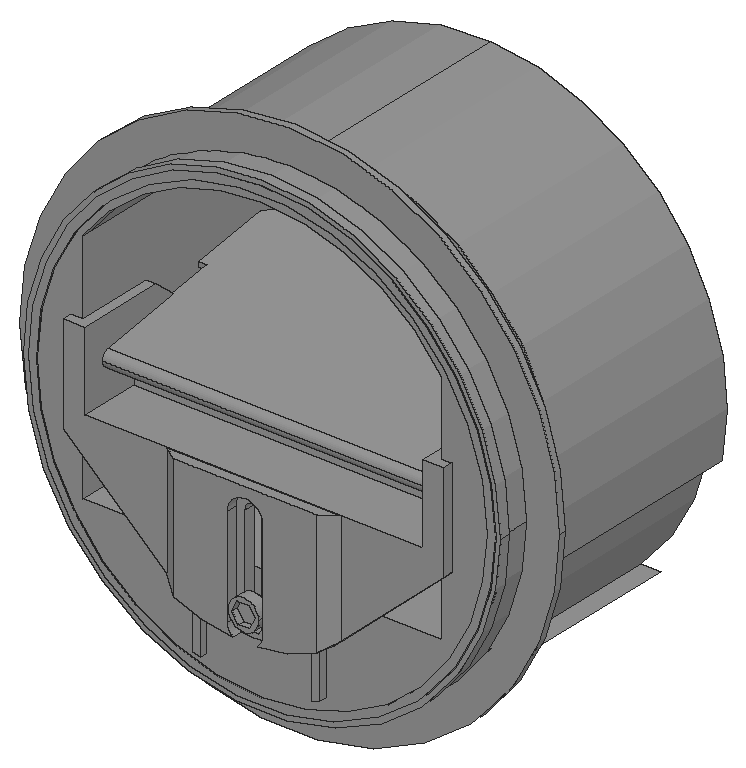
Revit family "CR 4 Inch Diameter", category Mechanical Equipment, Revit 2015
Parameters
  URL = "http://unitedenertech.com/catalog/pdf/L_2B,C%20Model%20CR.pdf"
  Type Comments = "4\" Diameter Model"
  Model = "CR"
  Manufacturer = "United Enertech Corporation"
  Description = "Precision/Flow Damper"
  Depth = 0' - 2.075"
  Damper O.D. = 0' - 3.64"
Reference planes (in)
  plane 1 "Center (Front/Back)": y = 0
  plane 2: z = 0
  plane 3 "Center (Left/Right)": x = 0
  plane 4: x = -1.82
  plane 5: x = 1.82
Forms (in)
  Extrusion 1, solid, material "Plastic, Opaque Black"
    sketch origin (0, 0, 0) x (1, 0, 0) y (0, 0, 1)
      loop
        circle (0, 0) r 1.82
      loop
        line (1.37, -0.84269) -> (1.37, 0.95499)
        arc (1.37, 0.95499) -> (0.77268, 1.48049) -> (0, 1.67) r 1.67
        arc (0, 1.67) -> (-0.77268, 1.48049) -> (-1.37, 0.95499) r 1.67
        line (-1.37, 0.95499) -> (-1.37, -0.84269) -> (1.37, -0.84269)
    from 0 to -0.08
  Extrusion 2, solid, material "Plastic, Opaque Black"
    sketch origin (0, 0, 0) x (1, 0, 0) y (0, 0, 1)
      loop
        line (-1.37, 0.95499) -> (-1.37, -0.84269) -> (1.37, -0.84269) -> (1.37, 0.95499)
        arc (1.37, 0.95499) -> (0.77268, 1.48049) -> (0, 1.67) r 1.67
        arc (0, 1.67) -> (-0.77268, 1.48049) -> (-1.37, 0.95499) r 1.67
      loop
        arc (-1.42859, -0.97322) -> (-1.40758, -1.00337) -> (-1.38593, -1.03307) r 1.72859
        line (-1.38593, -1.03307) -> (1.38593, -1.03307)
        arc (1.38593, -1.03307) -> (1.40758, -1.00337) -> (1.42859, -0.97322) r 1.72859
        line (1.42859, -0.97322) -> (1.42859, 0.97322)
        arc (1.42859, 0.97322) -> (0.808, 1.52813) -> (0, 1.72859) r 1.72859
        arc (0, 1.72859) -> (-0.808, 1.52813) -> (-1.42859, 0.97322) r 1.72859
        line (-1.42859, 0.97322) -> (-1.42859, -0.97322)
    from -0.08 to -2.085
  Extrusion 3, void
    sketch origin (0, 0, 0) x (1, 0, 0) y (0, 1, 0)
      loop
        line (-1.37, 2.085) -> (-1.37, 1.635) -> (1.37, 1.635) -> (1.37, 2.085) -> (-1.37, 2.085)
    from -1.10493 to -0.78309
  Extrusion 4, solid, material "Plastic, Opaque Black"
    sketch origin (0, 0, 0) x (1, 0, 0) y (0, 0, 1)
      loop
        arc (-1.42859, 0.97322) -> (-1.72859, 0) -> (-1.42859, -0.97322) r 1.72859
        line (-1.42859, -0.97322) -> (-1.42859, -0.86488)
        arc (-1.42859, -0.86488) -> (-1.67, 0) -> (-1.42859, 0.86488) r 1.67
        line (-1.42859, 0.86488) -> (-1.42859, 0.97322)
      loop
        line (1.42859, 0.97322) -> (1.42859, 0.86488)
        arc (1.42859, 0.86488) -> (1.67, 0) -> (1.42859, -0.86488) r 1.67
        line (1.42859, -0.86488) -> (1.42859, -0.97322)
        arc (1.42859, -0.97322) -> (1.72859, 0) -> (1.42859, 0.97322) r 1.72859
    from -0.08 to -0.265
  Extrusion 5, solid, material "Plastic, Opaque Black"
    sketch origin (0, 0, 0) x (1, 0, 0) y (0, 0, 1)
      loop
        arc (-1.37, -1.03307) -> (0, -1.71585) -> (1.37, -1.03307) r 1.71585
        line (1.37, -1.03307) -> (1.31212, -1.03307)
        arc (1.31212, -1.03307) -> (0, -1.67) -> (-1.31212, -1.03307) r 1.67
        line (-1.31212, -1.03307) -> (-1.37, -1.03307)
    from -0.48 to -0.08
  Extrusion 6, solid, material "Plastic, Opaque Black"
    sketch origin (0, 0, 0) x (1, 0, 0) y (0, 0, 1)
      loop
        line (-0.38, -1.03307) -> (-0.38, -1.15307) -> (0.38, -1.15307) -> (0.38, -1.03307) -> (-0.38, -1.03307)
    from -0.605 to -0.08
  Extrusion 7, solid, material "Plastic, Opaque Black"
    sketch origin (0, 0, 0) x (1, 0, 0) y (0, 0, 1)
      loop
        line (-1.45, 0.39199) -> (-1.45, -0.35801) -> (-0.6125, -1.11824)
        arc (-0.6125, -1.11824) -> (-0.31612, -1.23519) -> (0, -1.275) r 1.275
        arc (0, -1.275) -> (0.31612, -1.23519) -> (0.6125, -1.11824) r 1.275
        line (0.6125, -1.11824) -> (1.45, -0.35801) -> (1.45, 0.39199) -> (1.29, 0.39199) -> (1.29, -0.20801) -> (-1.29, -0.20801) -> (-1.29, 0.39199) -> (-1.45, 0.39199)
      loop
        line (-0.065, -0.42301) -> (-0.065, -1.1778)
        arc (-0.065, -1.1778) -> (0, -1.2428) -> (0.065, -1.1778) r 0.065
        line (0.065, -1.1778) -> (0.065, -0.42301)
        arc (0.065, -0.42301) -> (0, -0.35801) -> (-0.065, -0.42301) r 0.065
    from 0 to 0.08
  Extrusion 8, solid, material "Plastic, Opaque Black"
    sketch origin (0, 0, 0) x (1, 0, 0) y (0, 0, 1)
      loop
        line (-0.4855, -0.26956) -> (-0.4855, -1.54974)
        arc (-0.4855, -1.54974) -> (-0.45558, -1.55879) -> (-0.4255, -1.56727) r 1.624
        line (-0.4255, -1.56727) -> (-0.4255, -0.26956) -> (-0.4855, -0.26956)
      loop
        line (0.4855, -0.26956) -> (0.4255, -0.26956) -> (0.4255, -1.56727)
        arc (0.4255, -1.56727) -> (0.45558, -1.55879) -> (0.4855, -1.54974) r 1.624
        line (0.4855, -1.54974) -> (0.4855, -0.26956)
    from 0 to 0.05682
  Blend 9, solid, material "Plastic, Opaque Black"
    base sketch origin (0, 0, 0) x (1, 0, 0) y (0, 0, 1)
      loop
        arc (-0.54336, -1.15342) -> (0, -1.275) -> (0.54336, -1.15342) r 1.275
        line (0.54336, -1.15342) -> (0.54336, -0.20801) -> (-0.54336, -0.20801) -> (-0.54336, -1.15342)
    top sketch origin (0, 0, 0) x (1, 0, 0) y (0, 0, 1)
      loop
        line (-0.66394, -1.07155) -> (-0.6125, -1.11824)
        arc (-0.6125, -1.11824) -> (0, -1.275) -> (0.6125, -1.11824) r 1.275
        line (0.6125, -1.11824) -> (0.66394, -1.07155) -> (0.66394, -0.20801) -> (-0.66394, -0.20801) -> (-0.66394, -1.07155)
    from 0.16 to 0.08
  Extrusion 10, void
    sketch origin (0, 0, 0) x (1, 0, 0) y (0, 0, 1)
      loop
        arc (-0.13531, -1.1778) -> (0, -1.31311) -> (0.13531, -1.1778) r 0.13531
        line (0.13531, -1.1778) -> (0.13531, -0.42301)
        arc (0.13531, -0.42301) -> (0, -0.2877) -> (-0.13531, -0.42301) r 0.13531
        line (-0.13531, -0.42301) -> (-0.13531, -1.1778)
    from 0.08 to 0.20175
  Extrusion 11, solid, material "Plastic, Opaque Black"
    sketch origin (0, 0, 0) x (0, 1, 0) y (0, 0, 1)
      loop
        line (0.61529, -0.28801) -> (0.61529, 0.1178) -> (0.38822, 0.1178) -> (0.38822, -0.20801) -> (0, -0.20801) -> (0, -0.28801) -> (0.61529, -0.28801)
    from -1.37 to 1.37
  Extrusion 12, solid, material "Plastic, Opaque Black"
    sketch origin (0, 0, 0) x (0, 1, 0) y (0, 0, 1)
      loop
        line (0, 0.39199) -> (0, -0.20801) -> (0.61529, -0.20801) -> (1.04529, -0.20801) -> (1.04529, 0.01699) -> (0.6, 0.39199) -> (0, 0.39199)
    from 1.29 to 1.37
  Extrusion 13, solid, material "Plastic, Opaque Black"
    sketch origin (0, 0, 0) x (0, 1, 0) y (0, 0, -1)
      loop
        line (0, -0.39199) -> (0.6, -0.39199) -> (1.04529, -0.01699) -> (1.04529, 0.20801) -> (0.61529, 0.20801) -> (0, 0.20801) -> (0, -0.39199)
    from 1.29 to 1.37
  Extrusion 14, solid, material "Plastic, Opaque Black"
    sketch origin (0, 0, 0) x (1, 0, 0) y (0, 0, 1)
      loop
        line (-0.1575, 0.1178) -> (-0.1575, -0.0072) -> (0.1575, -0.0072) -> (0.1575, 0.1178) -> (-0.1575, 0.1178)
    from -0.38822 to -0.23704
  Extrusion 15, solid, material "Plastic, Opaque Black"
    sketch origin (0, 0, 0) x (0, 1, 0) y (0, 0, 1)
      loop
        line (0.61529, -0.0022) -> (0.61529, -0.16575) -> (0.81529, -0.16575) -> (0.81529, -0.0022) -> (0.61529, -0.0022)
    from -0.25 to 0.25
  Extrusion 16, solid, material "Plastic, Opaque Black"
    sketch origin (0, 0, 0) x (1, 0, 0) y (0, 1, 0)
      loop
        line (-1.29, 0.38822) -> (1.29, 0.38822) -> (1.29, 1.635)
        arc (1.29, 1.635) -> (0, 2.24403) -> (-1.29, 1.635) r 1.6707
        line (-1.29, 1.635) -> (-1.29, 0.38822)
    from 0 to 0.1178
  Extrusion 17, solid, material "Plastic, Opaque Black"
    sketch origin (0, 0, 0) x (1, 0, 0) y (0, 0, 1)
      loop
        circle (0, -0.08252) r 0.05625
    from -1.635 to -0.81529
  Extrusion 18, solid, material "Aluminum"
    sketch origin (0, 0, 0) x (1, 0, 0) y (0, 0, 1)
      loop
        circle (0, -1.07806) r 0.11587
    from 0.08 to 0.17586
  Extrusion 19, solid, material "Aluminum"
    sketch origin (0, 0, 0) x (1, 0, 0) y (0, 0, 1)
      loop
        circle (0, -1.07806) r 0.05579
    from 0 to 0.08
  Extrusion 20, void
    sketch origin (0, 0, 0) x (1, 0, 0) y (0, 0, 1)
      loop
        line (0.04238, -0.99488) -> (-0.05084, -0.99977) -> (-0.09322, -1.08295) -> (-0.04238, -1.16123) -> (0.05084, -1.15635) -> (0.09322, -1.07317) -> (0.04238, -0.99488)
    from 0.12056 to 0.20175
  Extrusion 21, solid, material "Plastic, Opaque Black"
    sketch origin (0, 0.04863, -0.09591) x (1, 0, 0) y (0, 0.987688, 0.156434)
      loop
        line (-1.29, 0.12561) -> (1.29, 0.12561) -> (1.29, 1.0878) -> (1.35312, 1.0878) -> (1.35312, 1.68366)
        arc (1.35312, 1.68366) -> (0, 2.30951) -> (-1.35312, 1.68366) r 1.77567
        line (-1.35312, 1.68366) -> (-1.35312, 1.0878) -> (-1.29, 1.0878) -> (-1.29, 0.12561)
    from 0.19539 to 0.23353
  Extrusion 22, solid, material "Plastic, Opaque Black"
    sketch origin (0, 0, 0) x (0, 1, 0) y (0, 0, 1)
      loop
        circle (0.14715, 0.09329) r 0.06208
    from -1.29 to 1.29
  Sweep 23, solid, material "Plastic, Opaque Black"
    path in 3D
      loop
        arc (-1.35312, 1.67503, 0.39813) -> (0, 2.29317, 0.49603) -> (1.35312, 1.67503, 0.39813) r 1.77567
    profile origin (0, 2.29317, 0.49603) x (0, 0.987688, 0.156434) y (0, -0.156434, 0.987688)
      loop
        line (0, 0) -> (-0.03429, -0.01021)
        arc (-0.03429, -0.01021) -> (-0.00157, -0.50435) -> (-0.18552, -0.96413) r 1.1179
        line (-0.18552, -0.96413) -> (-0.15643, -0.98769)
        arc (-0.15643, -0.98769) -> (0.0315, -0.51122) -> (0, 0) r 1.1808
  Extrusion 24, solid, material "Plastic, Opaque Black"
    sketch origin (-15.18673, 0, 0) x (1, 0, 0) y (0, 0, 1)
      loop
        circle (15.18673, 0) r 1.78
      loop
        circle (15.18673, 0) r 1.72
    from 0 to -0.5
  Extrusion 25, solid, material "Plastic, Opaque Black"
    sketch origin (-15.18673, 0, 0) x (1, 0, 0) y (0, 0, 1)
      loop
        arc (13.44372, -0.361) -> (13.62961, -0.86242) -> (13.95604, -1.286) r 1.78
        line (13.95604, -1.286) -> (14.04454, -1.286)
        arc (14.04454, -1.286) -> (13.70097, -0.86655) -> (13.50504, -0.361) r 1.72
        line (13.50504, -0.361) -> (13.44372, -0.361)
      loop
        line (16.32892, -1.286) -> (16.41742, -1.286)
        arc (16.41742, -1.286) -> (16.74385, -0.86242) -> (16.92974, -0.361) r 1.78
        line (16.92974, -0.361) -> (16.86842, -0.361)
        arc (16.86842, -0.361) -> (16.67249, -0.86655) -> (16.32892, -1.286) r 1.72
    from -0.5 to -2.075
  Extrusion 26, solid, material "Plastic, Opaque Black"
    sketch origin (-15.18673, 0, 0) x (1, 0, 0) y (0, 0, 1)
      loop
        line (13.33662, -0.361) -> (13.46015, -0.361)
        arc (13.46015, -0.361) -> (13.81776, 1.11235) -> (15.18673, 1.76392) r 1.76392
        arc (15.18673, 1.76392) -> (16.5557, 1.11235) -> (16.91331, -0.361) r 1.76392
        line (16.91331, -0.361) -> (17.03684, -0.361)
        arc (17.03684, -0.361) -> (16.66798, 1.16582) -> (15.27059, 1.88313) r 1.885
        arc (15.27059, 1.88313) -> (13.75882, 1.23056) -> (13.33662, -0.361) r 1.885
      loop
        arc (13.80853, -1.286) -> (15.18673, -1.885) -> (16.56493, -1.286) r 1.885
        line (16.56493, -1.286) -> (16.39404, -1.286)
        arc (16.39404, -1.286) -> (15.18673, -1.76392) -> (13.97942, -1.286) r 1.76392
        line (13.97942, -1.286) -> (13.80853, -1.286)
    from -2.075 to -0.5
  Extrusion 27, solid, material "Plastic, Opaque Black"
    sketch origin (-15.18673, 0, 0) x (1, 0, 0) y (0, 0, 1)
      loop
        arc (13.50504, -0.361) -> (13.70097, -0.86655) -> (14.04454, -1.286) r 1.72
        line (14.04454, -1.286) -> (16.32892, -1.286)
        arc (16.32892, -1.286) -> (16.67249, -0.86655) -> (16.86842, -0.361) r 1.72
        line (16.86842, -0.361) -> (13.50504, -0.361)
    from -2.075 to -1.985
  Extrusion 28, void
    sketch origin (-15.18673, 0, 0) x (1, 0, 0) y (0, 0, 1)
      loop
        line (14.18673, -0.361) -> (14.18673, -1.286) -> (16.13088, -1.286) -> (16.13088, -0.361) -> (14.18673, -0.361)
    from -2.13604 to -1.913
  Extrusion 29, solid, material "Plastic, Opaque Black"
    sketch origin (-15.18673, 0, 0) x (1, 0, 0) y (0, 1, 0)
      loop
        line (14.18673, 2.075) -> (14.18673, 1.985) -> (14.42173, 1.985)
        arc (14.42173, 1.985) -> (15.1588, 2.21211) -> (15.89588, 1.985) r 1.30964
        line (15.89588, 1.985) -> (16.13088, 1.985) -> (16.13088, 2.075)
        arc (16.13088, 2.075) -> (15.1588, 2.39276) -> (14.18673, 2.075) r 1.64572
    from -0.361 to -0.431
  Extrusion 30, solid, material "Plastic, Opaque Black"
    sketch origin (-15.18673, 0, 0) x (1, 0, 0) y (0, 1, 0)
      loop
        line (14.18673, 2.075) -> (14.18673, 1.985) -> (14.42173, 1.985)
        arc (14.42173, 1.985) -> (15.1588, 2.21211) -> (15.89588, 1.985) r 1.30964
        line (15.89588, 1.985) -> (16.13088, 1.985) -> (16.13088, 2.075)
        arc (16.13088, 2.075) -> (15.1588, 2.39276) -> (14.18673, 2.075) r 1.64572
    from -1.216 to -1.286
  Extrusion 31, solid, material "Plastic, Opaque Black"
    sketch origin (-15.18673, 0, 0) x (1, 0, 0) y (0, 1, 0)
      loop
        line (14.18673, 2.075) -> (14.18673, 1.985)
        arc (14.18673, 1.985) -> (15.1588, 2.33157) -> (16.13088, 1.985) r 1.53655
        line (16.13088, 1.985) -> (16.13088, 2.075)
        arc (16.13088, 2.075) -> (15.1588, 2.39276) -> (14.18673, 2.075) r 1.64572
    from -1.216 to -0.431
  Extrusion 32, solid, material "Rubber, Black"
    sketch origin (0, 0, 0) x (1, 0, 0) y (0, 0, 1)
      loop
        circle (0, 0) r 1.80153
      loop
        circle (0, 0) r 1.76233
    from -0.5 to -0.08
  Extrusion 33, solid, material "Rubber, Black"
    sketch origin (0, 0, 0) x (1, 0, 0) y (0, 0, 1)
      loop
        circle (0, 0) r 1.80153
      loop
        circle (0, 0) r 2.06
    from -0.265 to -0.315
Cuts and joins
  Extrusion 3, Extrusion 10, Extrusion 20 cuts Extrusion 1
  Extrusion 3, Extrusion 10, Extrusion 20 cuts Extrusion 2
  Extrusion 10, Extrusion 20 cuts Extrusion 4
  Extrusion 10, Extrusion 20 cuts Extrusion 5
  Extrusion 10, Extrusion 20 cuts Extrusion 6
  joined: Extrusion 1, Extrusion 2, Extrusion 4, Extrusion 5, Extrusion 6
  Extrusion 10 cuts Blend 9
  Extrusion 10, Extrusion 20 cuts Extrusion 7
  Extrusion 20 cuts Extrusion 11
  Extrusion 20 cuts Extrusion 12
  Extrusion 20 cuts Extrusion 13
  Extrusion 20 cuts Extrusion 14
  Extrusion 20 cuts Extrusion 15
  Extrusion 20 cuts Extrusion 16
  joined: Extrusion 7, Extrusion 11, Extrusion 12, Extrusion 13, Extrusion 14, Extrusion 15, Extrusion 16
  Extrusion 20 cuts Extrusion 18
  Extrusion 20 cuts Extrusion 19
  joined: Extrusion 21, Extrusion 22, Sweep 23
  joined: Extrusion 24, Extrusion 25
  Extrusion 28 cuts Extrusion 27
  joined: Extrusion 27, Extrusion 29, Extrusion 30, Extrusion 31
Lines and regions (in)
  sketch lines
    curve 1: arc (-1.35312, 1.67503, 0.39813) -> (0, 2.29317, 0.49603) -> (1.35312, 1.67503, 0.39813) r 1.77567
Dimensions and locks (in)
  "Damper O.D.": plane 4 to plane 5
  "Depth": Extrusion 26 to plane 1 "Center (Front/Back)"
  aligned and locked: level to plane 2
Automatic sketch dimensions
  Extrusion 1 sketch curve to Extrusion 1 sketch curve = 0' - 0"  (x6)
  Extrusion 1 sketch curve to level = 0' - 0"
  Extrusion 1 sketch curve to plane 3 "Center (Left/Right)" = 0' - 0"
  Extrusion 1 sketch curve to plane 4 = 0' - 0.45"
  plane 5 to Extrusion 1 sketch curve = 0' - 0.45"
  Extrusion 1 sketch curve to level = 0' - 0.84269"
  level to Extrusion 1 sketch curve = 0' - 0.95499"
  Extrusion 2 sketch curve to Extrusion 2 sketch curve = 0' - 0"  (x30)
  Extrusion 2 sketch curve to level = 0' - 0"
  Extrusion 2 sketch curve to plane 3 "Center (Left/Right)" = 0' - 0"
  Extrusion 2 sketch curve to plane 4 = 0' - 0.45"
  Extrusion 2 sketch curve to Extrusion 2 sketch curve = 0' - 0.01593"  (x2)
  Extrusion 2 sketch curve to Extrusion 2 sketch curve = 0' - 0.04267"  (x2)
  plane 5 to Extrusion 2 sketch curve = 0' - 0.45"
  Extrusion 2 sketch curve to level = 0' - 0.84269"
  Extrusion 2 sketch curve to Extrusion 2 sketch curve = 0' - 0.13053"
  level to Extrusion 2 sketch curve = 0' - 0.95499"
  Extrusion 2 sketch curve to Extrusion 2 sketch curve = 0' - 0.01823"
  Extrusion 3 sketch curve to plane 4 = 0' - 0.45"
  plane 5 to Extrusion 3 sketch curve = 0' - 0.45"
  Extrusion 3 sketch curve to plane 1 "Center (Front/Back)" = 0' - 1.635"
  Extrusion 3 sketch curve to Extrusion 3 sketch curve = 0' - 0.45"
  Extrusion 4 sketch curve to Extrusion 4 sketch curve = 0' - 0"  (x12)
  Extrusion 4 sketch curve to level = 0' - 0"
  Extrusion 4 sketch curve to plane 3 "Center (Left/Right)" = 0' - 0"
  Extrusion 4 sketch curve to plane 4 = 0' - 0.39141"  (x2)
  plane 5 to Extrusion 4 sketch curve = 0' - 0.39141"  (x2)
  Extrusion 4 sketch curve to level = 0' - 0.86488"  (x2)
  Extrusion 4 sketch curve to Extrusion 4 sketch curve = 0' - 0.10834"  (x2)
  Extrusion 5 sketch curve to Extrusion 5 sketch curve = 0' - 0"  (x2)
  Extrusion 5 sketch curve to level = 0' - 0"
  Extrusion 5 sketch curve to plane 3 "Center (Left/Right)" = 0' - 0"
  Extrusion 5 sketch curve to plane 4 = 0' - 0.50788"
  Extrusion 5 sketch curve to Extrusion 5 sketch curve = 0' - 0.05788"
  plane 5 to Extrusion 5 sketch curve = 0' - 0.50788"
  Extrusion 5 sketch curve to level = 0' - 1.03307"
  Extrusion 6 sketch curve to plane 3 "Center (Left/Right)" = 0' - 0.38"
  plane 3 "Center (Left/Right)" to Extrusion 6 sketch curve = 0' - 0.38"
  Extrusion 6 sketch curve to level = 0' - 1.15307"
  Extrusion 6 sketch curve to Extrusion 6 sketch curve = 0' - 0.12"
  Extrusion 7 sketch curve to Extrusion 7 sketch curve = 0' - 0"  (x2)
  Extrusion 7 sketch curve to plane 3 "Center (Left/Right)" = 0' - 0"  (x2)
  Extrusion 7 sketch curve to level = 0' - 0"
  Extrusion 7 sketch curve to Extrusion 7 sketch curve = 0' - 0.065"
  Extrusion 7 sketch curve to Extrusion 7 sketch curve = 0' - 0.5475"  (x2)
  Extrusion 7 sketch curve to level = 0' - 0.20801"
  Extrusion 7 sketch curve to plane 4 = 0' - 0.53"
  Extrusion 7 sketch curve to Extrusion 7 sketch curve = 0' - 0.16"  (x2)
  plane 5 to Extrusion 7 sketch curve = 0' - 0.53"
  Extrusion 7 sketch curve to Extrusion 7 sketch curve = 0' - 0.15"  (x2)
  Extrusion 7 sketch curve to level = 0' - 0.42301"
  Extrusion 7 sketch curve to Extrusion 7 sketch curve = 0' - 0.69523"
  Extrusion 7 sketch curve to Extrusion 7 sketch curve = 0' - 0.0972"
  level to Extrusion 7 sketch curve = 0' - 0.39199"  (x2)
  Extrusion 8 sketch curve to Extrusion 8 sketch curve = 0' - 0"  (x2)
  Extrusion 8 sketch curve to level = 0' - 0"
  Extrusion 8 sketch curve to plane 3 "Center (Left/Right)" = 0' - 0"
  Extrusion 8 sketch curve to plane 3 "Center (Left/Right)" = 0' - 0.4255"
  Extrusion 8 sketch curve to Extrusion 8 sketch curve = 0' - 0.06"  (x2)
  plane 3 "Center (Left/Right)" to Extrusion 8 sketch curve = 0' - 0.4255"
  Extrusion 8 sketch curve to level = 0' - 0.26956"  (x2)
  Extrusion 8 sketch curve to Extrusion 8 sketch curve = 0' - 1.28017"
  Extrusion 8 sketch curve to Extrusion 8 sketch curve = 0' - 0.01754"
  Blend 9 sketch curve to level = 0' - 0"  (x2)
  Blend 9 sketch curve to plane 3 "Center (Left/Right)" = 0' - 0"  (x2)
  Blend 9 sketch curve to level = 0' - 0.20801"  (x2)
  Blend 9 sketch curve to plane 3 "Center (Left/Right)" = 0' - 0.54336"
  plane 3 "Center (Left/Right)" to Blend 9 sketch curve = 0' - 0.54336"
  Blend 9 sketch curve to Blend 9 sketch curve = 0' - 0.94541"
  Blend 9 sketch curve to plane 3 "Center (Left/Right)" = 0' - 0.6125"
  Blend 9 sketch curve to plane 3 "Center (Left/Right)" = 0' - 0.66394"
  plane 3 "Center (Left/Right)" to Blend 9 sketch curve = 0' - 0.6125"
  plane 3 "Center (Left/Right)" to Blend 9 sketch curve = 0' - 0.66394"
  Blend 9 sketch curve to Blend 9 sketch curve = 0' - 0.86354"  (x2)
  Blend 9 sketch curve to Blend 9 sketch curve = 0' - 0.04669"
  Extrusion 10 sketch curve to plane 3 "Center (Left/Right)" = 0' - 0"
  Extrusion 10 sketch curve to Extrusion 10 sketch curve = 0' - 0.13531"
  Extrusion 10 sketch curve to level = 0' - 1.1778"
  Extrusion 10 sketch curve to level = 0' - 0.42301"
  Extrusion 11 sketch curve to plane 1 "Center (Front/Back)" = 0' - 0"
  Extrusion 11 sketch curve to Extrusion 11 sketch curve = 0' - 0.38822"
  Extrusion 11 sketch curve to Extrusion 11 sketch curve = 0' - 0.22707"
  Extrusion 11 sketch curve to level = 0' - 0.28801"
  Extrusion 11 sketch curve to level = 0' - 0.20801"
  level to Extrusion 11 sketch curve = 0' - 0.1178"
  Extrusion 12 sketch curve to plane 1 "Center (Front/Back)" = 0' - 0"
  Extrusion 12 sketch curve to Extrusion 12 sketch curve = 0' - 0.6"
  Extrusion 12 sketch curve to level = 0' - 0.20801"
  Extrusion 12 sketch curve to Extrusion 12 sketch curve = 0' - 0.01529"
  level to Extrusion 12 sketch curve = 0' - 0.01699"
  Extrusion 12 sketch curve to Extrusion 12 sketch curve = 0' - 0.43"
  level to Extrusion 12 sketch curve = 0' - 0.39199"
  Extrusion 13 sketch curve to plane 1 "Center (Front/Back)" = 0' - 0"
  Extrusion 13 sketch curve to Extrusion 13 sketch curve = 0' - 0.6"
  Extrusion 13 sketch curve to level = 0' - 0.20801"
  Extrusion 13 sketch curve to Extrusion 13 sketch curve = 0' - 0.01529"
  level to Extrusion 13 sketch curve = 0' - 0.01699"
  Extrusion 13 sketch curve to Extrusion 13 sketch curve = 0' - 0.43"
  level to Extrusion 13 sketch curve = 0' - 0.39199"
  Extrusion 14 sketch curve to plane 3 "Center (Left/Right)" = 0' - 0.1575"
  Extrusion 14 sketch curve to level = 0' - 0.0072"
  plane 3 "Center (Left/Right)" to Extrusion 14 sketch curve = 0' - 0.1575"
  level to Extrusion 14 sketch curve = 0' - 0.1178"
  Extrusion 15 sketch curve to level = 0' - 0.0022"
  Extrusion 15 sketch curve to plane 1 "Center (Front/Back)" = 0' - 0.61529"
  Extrusion 15 sketch curve to Extrusion 15 sketch curve = 0' - 0.2"
  Extrusion 15 sketch curve to Extrusion 15 sketch curve = 0' - 0.16355"
  Extrusion 16 sketch curve to plane 3 "Center (Left/Right)" = 0' - 0"
  Extrusion 16 sketch curve to plane 4 = 0' - 0.53"
  plane 5 to Extrusion 16 sketch curve = 0' - 0.53"
  Extrusion 16 sketch curve to plane 1 "Center (Front/Back)" = 0' - 0.38822"
  Extrusion 16 sketch curve to plane 1 "Center (Front/Back)" = 0' - 0.57334"
  Extrusion 16 sketch curve to Extrusion 16 sketch curve = 0' - 1.24678"
  Extrusion 17 sketch curve to plane 3 "Center (Left/Right)" = 0' - 0"
  Extrusion 17 sketch curve to level = 0' - 0.08252"
  Extrusion 18 sketch curve to plane 3 "Center (Left/Right)" = 0' - 0"
  Extrusion 18 sketch curve to level = 0' - 1.07806"
  Extrusion 19 sketch curve to plane 3 "Center (Left/Right)" = 0' - 0"
  Extrusion 19 sketch curve to level = 0' - 1.07806"
  Extrusion 20 sketch curve to plane 3 "Center (Left/Right)" = 0' - 0.09322"
  Extrusion 20 sketch curve to plane 3 "Center (Left/Right)" = 0' - 0.05084"
  Extrusion 20 sketch curve to plane 3 "Center (Left/Right)" = 0' - 0.04238"
  plane 3 "Center (Left/Right)" to Extrusion 20 sketch curve = 0' - 0.04238"
  plane 3 "Center (Left/Right)" to Extrusion 20 sketch curve = 0' - 0.05084"
  plane 3 "Center (Left/Right)" to Extrusion 20 sketch curve = 0' - 0.09322"
  Extrusion 20 sketch curve to level = 0' - 1.16123"
  Extrusion 20 sketch curve to Extrusion 20 sketch curve = 0' - 0.00489"  (x2)
  Extrusion 20 sketch curve to Extrusion 20 sketch curve = 0' - 0.07829"
  Extrusion 20 sketch curve to Extrusion 20 sketch curve = 0' - 0.08318"  (x2)
  Extrusion 21 sketch curve to plane 3 "Center (Left/Right)" = 0' - 0"
  Extrusion 21 sketch curve to plane 4 = 0' - 0.53"
  Extrusion 21 sketch curve to Extrusion 21 sketch curve = 0' - 0.06312"  (x2)
  plane 5 to Extrusion 21 sketch curve = 0' - 0.53"
  Extrusion 21 sketch curve to Extrusion 21 sketch curve = 0' - 0.40823"
  Extrusion 21 sketch curve to Extrusion 21 sketch curve = 0' - 0.96219"  (x2)
  Extrusion 21 sketch curve to Extrusion 21 sketch curve = 0' - 0.59586"
  Extrusion 21 sketch curve to Extrusion 21 sketch curve = 0' - 0"
  Extrusion 22 sketch curve to plane 1 "Center (Front/Back)" = 0' - 0.14715"
  level to Extrusion 22 sketch curve = 0' - 0.09329"
  profile plane to Sweep 23 sketch curve = 0' - 0"
  Sweep 23 sketch curve to profile plane = 0' - 0"
  Sweep 23 sketch curve to profile plane = 0' - 0.01021"
  profile plane to Sweep 23 sketch curve = 0' - 0.03429"
  profile plane to Sweep 23 sketch curve = 0' - 0.15643"
  Sweep 23 sketch curve to Sweep 23 sketch curve = 0' - 0.02909"  (x2)
  Sweep 23 sketch curve to profile plane = 0' - 0.32931"
  profile plane to Sweep 23 sketch curve = 0' - 1.10568"
  Sweep 23 sketch curve to Sweep 23 sketch curve = 0' - 0.02355"
  Extrusion 24 sketch curve to Extrusion 24 sketch curve = 0' - 0"  (x2)
  Extrusion 24 sketch curve to level = 0' - 0"
  Extrusion 24 sketch curve to plane 3 "Center (Left/Right)" = 0' - 0"
  Extrusion 25 sketch curve to Extrusion 25 sketch curve = 0' - 0"  (x12)
  Extrusion 25 sketch curve to level = 0' - 0"
  Extrusion 25 sketch curve to plane 3 "Center (Left/Right)" = 0' - 0"
  Extrusion 25 sketch curve to plane 4 = 0' - 0.67781"
  Extrusion 25 sketch curve to Extrusion 25 sketch curve = 0' - 0.0885"  (x2)
  Extrusion 25 sketch curve to plane 4 = 0' - 0.13831"
  plane 5 to Extrusion 25 sketch curve = 0' - 0.67781"
  plane 5 to Extrusion 25 sketch curve = 0' - 0.13831"
  Extrusion 25 sketch curve to level = 0' - 0.361"  (x2)
  Extrusion 26 sketch curve to Extrusion 26 sketch curve = 0' - 0"  (x34)
  Extrusion 26 sketch curve to level = 0' - 0"
  Extrusion 26 sketch curve to plane 3 "Center (Left/Right)" = 0' - 0"
  Extrusion 26 sketch curve to plane 4 = 0' - 0.61269"
  Extrusion 26 sketch curve to Extrusion 26 sketch curve = 0' - 0.17089"
  Extrusion 26 sketch curve to plane 4 = 0' - 0.09342"
  plane 5 to Extrusion 26 sketch curve = 0' - 0.09342"
  Extrusion 26 sketch curve to level = 0' - 0.361"
  Extrusion 26 sketch curve to Extrusion 26 sketch curve = 0' - 0.925"
  plane 4 to Extrusion 26 sketch curve = 0' - 0.03011"
  plane 3 "Center (Left/Right)" to Extrusion 26 sketch curve = 0' - 0.08386"
  plane 5 to Extrusion 26 sketch curve = 0' - 0.61269"
  Extrusion 27 sketch curve to Extrusion 27 sketch curve = 0' - 0"  (x2)
  Extrusion 27 sketch curve to level = 0' - 0"
  Extrusion 27 sketch curve to plane 3 "Center (Left/Right)" = 0' - 0"
  Extrusion 27 sketch curve to plane 4 = 0' - 0.67781"
  Extrusion 27 sketch curve to plane 4 = 0' - 0.13831"
  plane 5 to Extrusion 27 sketch curve = 0' - 0.67781"
  Extrusion 27 sketch curve to level = 0' - 0.361"
  Extrusion 28 sketch curve to plane 4 = 0' - 0.82"
  plane 5 to Extrusion 28 sketch curve = 0' - 0.87585"
  Extrusion 28 sketch curve to level = 0' - 1.286"
  Extrusion 28 sketch curve to level = 0' - 0.361"
  Extrusion 29 sketch curve to plane 4 = 0' - 0.82"
  Extrusion 29 sketch curve to Extrusion 29 sketch curve = 0' - 0.235"  (x2)
  Extrusion 29 sketch curve to plane 3 "Center (Left/Right)" = 0' - 0.02793"  (x2)
  plane 3 "Center (Left/Right)" to Extrusion 29 sketch curve = 0' - 0.70915"
  Extrusion 29 sketch curve to plane 1 "Center (Front/Back)" = 0' - 0.74704"
  Extrusion 29 sketch curve to Extrusion 29 sketch curve = 0' - 0.15542"
  Extrusion 29 sketch curve to Extrusion 29 sketch curve = 0' - 1.08253"
  Extrusion 29 sketch curve to Extrusion 29 sketch curve = 0' - 0.09"
  Extrusion 30 sketch curve to plane 4 = 0' - 0.82"
  Extrusion 30 sketch curve to Extrusion 30 sketch curve = 0' - 0.235"  (x2)
  Extrusion 30 sketch curve to plane 3 "Center (Left/Right)" = 0' - 0.02793"  (x2)
  plane 3 "Center (Left/Right)" to Extrusion 30 sketch curve = 0' - 0.70915"
  Extrusion 30 sketch curve to plane 1 "Center (Front/Back)" = 0' - 0.74704"
  Extrusion 30 sketch curve to Extrusion 30 sketch curve = 0' - 0.15542"
  Extrusion 30 sketch curve to Extrusion 30 sketch curve = 0' - 1.08253"
  Extrusion 30 sketch curve to Extrusion 30 sketch curve = 0' - 0.09"
  Extrusion 31 sketch curve to plane 4 = 0' - 0.82"
  Extrusion 31 sketch curve to plane 3 "Center (Left/Right)" = 0' - 0.02793"  (x2)
  plane 5 to Extrusion 31 sketch curve = 0' - 0.87585"
  Extrusion 31 sketch curve to plane 1 "Center (Front/Back)" = 0' - 0.74704"
  Extrusion 31 sketch curve to Extrusion 31 sketch curve = 0' - 0.04797"
  Extrusion 31 sketch curve to Extrusion 31 sketch curve = 0' - 1.18998"
  Extrusion 31 sketch curve to Extrusion 31 sketch curve = 0' - 0.09"
  Extrusion 32 sketch curve to Extrusion 32 sketch curve = 0' - 0"  (x2)
  Extrusion 32 sketch curve to level = 0' - 0"
  Extrusion 32 sketch curve to plane 3 "Center (Left/Right)" = 0' - 0"
  Extrusion 33 sketch curve to Extrusion 33 sketch curve = 0' - 0"  (x2)
  Extrusion 33 sketch curve to level = 0' - 0"
  Extrusion 33 sketch curve to plane 3 "Center (Left/Right)" = 0' - 0"
  radius of Extrusion 1 sketch curve = 0' - 1.82"
  radius of Extrusion 17 sketch curve = 0' - 0.05625"
  radius of Extrusion 18 sketch curve = 0' - 0.11587"
  radius of Extrusion 19 sketch curve = 0' - 0.05579"
  radius of Extrusion 22 sketch curve = 0' - 0.06208"
  radius of Extrusion 24 sketch curve = 0' - 1.78"
  radius of Extrusion 24 sketch curve = 0' - 1.72"
  radius of Extrusion 32 sketch curve = 0' - 1.80153"
  radius of Extrusion 32 sketch curve = 0' - 1.76233"
  radius of Extrusion 33 sketch curve = 0' - 1.80153"
  radius of Extrusion 33 sketch curve = 0' - 2.06"
